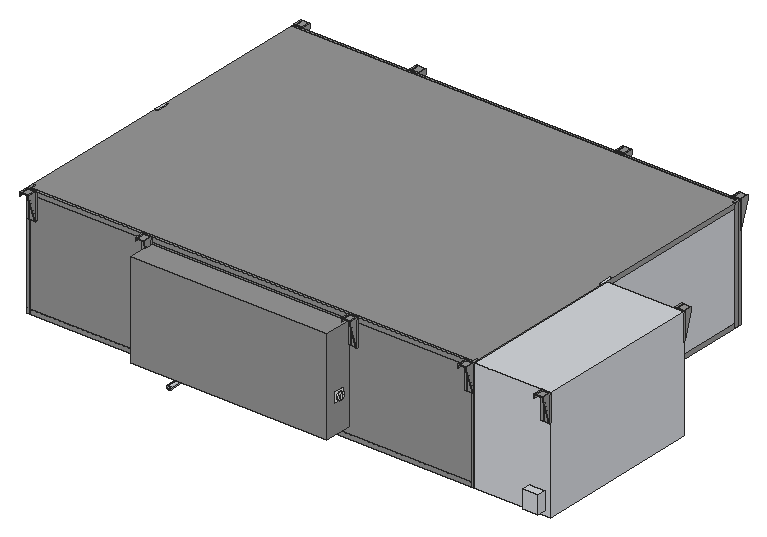
Revit family "НЕВАТОМ_Neiva 2 подвесная CX-Е-R 2000, Версия 2", category Оборудование, Revit 2017
Family settings
  Размер круглого соединителя = Использовать диаметр
  Тип детали = Нормальный
  На основе рабочей плоскости = Да
  Всегда вертикально = Нет
  При загрузке вырезать с полостями = Нет
  Общий = Нет
  Точка расчета площади = Нет
Parameters (values of type "СX-2000-E-R")
  а1 = 70 mm
  а = 574 mm
  Default Elevation = 0 mm
  m = 271 mm
  l1 = 900 mm
  l штуцер = 125 mm
  l двигателя = 350 mm
  l = 571 mm
  k = 20 mm
  h4 = 20 mm
  h3 = 346 mm
  h двигателя = 482 mm
  h = 30 mm
  d штуцер = 0 mm
  b1 = 122.962 mm
  b двигателя = 760 mm
  Nevatom_Производительность = "1000-3000 м³/ч"
  Nevatom_Напорная характеристика, Р1 = 1200.0 Pa
  Nevatom_Напорная характеристика, P = 0.0 Pa
  Nevatom_Мощность нагревателя = 7500 W
  Nevatom_Для задания электроснабжения = "380 В"
  Nevatom_URL = "https://t.me/NEVATOM_Bim_bot"
  Nevatom_Q1, м³/ч = 3000.0 m³/h
  Nevatom_Q, м³/ч = 1000.0 m³/h
  L = 2045 mm
  H1 = 512 mm
  D PG 16 [instance] = 32 mm
  D PG 11 [instance] = 22 mm
  B = 1522 mm
  ADSK_материал = материал курпуса
  ADSK_Ток = 3.2 A
  ADSK_Расход жидкости = 0.0 m³/h
  ADSK_Расход воздуха = 0.0 m³/h
  ADSK_Размер_Ширина = B  # 1522 mm
  ADSK_Размер_Длина = L  # 2045 mm
  ADSK_Размер_Высота = 512 mm
  ADSK_Примечание = ""
  ADSK_Потеря давления воздуха = 0.0 Pa
  ADSK_Полная мощность = ADSK_Номинальная мощность / ADSK_Коэффициент мощности  # 912.5 VA
  ADSK_Номинальная мощность = 730 W
  ADSK_Напряжение = 230 V
  ADSK_Наименование = "СX-2000-E-R"
  ADSK_Масса = 257
  ADSK_Марка = "СX-2000-E-R"
  ADSK_Коэффициент мощности = 0.8  # constant formula
  ADSK_Количество фаз = 3
  ADSK_Количество = 1  # constant formula
  ADSK_Код изделия = ""
  ADSK_Классификация нагрузок = none
  ADSK_Завод-изготовитель = "НЕВАТОМ"  # constant formula
  ADSK_Единица измерения = "шт."
  ADSK_URL документации изделия = ""
  A6 = 420 mm
  A1 = 700 mm
Reference planes
  plane 1 "По центру (Вперед/Назад)": y = 0
  plane 2: z = 0
  plane 3 "По центру (Влево/Вправо)": x = 0
  plane 4: y = 761
  plane 5: y = -761
  plane 6: x = -1022.5
  plane 7: x = 1022.5
  plane 8: z = 512
  plane 9: x = 451.5
  plane 10: y = -883.962
  plane 11: x = -448.5
  plane 12: z = 482
  plane 13: z = 20
  plane 14: z = 440
  plane 15: z = 136
  plane 16: z = 0
  plane 17: z = 482
  plane 18: y = -1
  plane 19: z = 462
  plane 20: x = 1022.5
  plane 21: x = -1022.5
  plane 22: x = -451.5
  plane 23: x = 448.5
  plane 24: x = 1372.5
Forms (mm)
  Extrusion 1, solid, material "материал курпуса" <- "ADSK_материал"
    sketch origin (0, 0, 0) x (-1, 0, 0) y (0, -1, 0)
      loop
        line (-1022.5, -761) -> (1022.5, -761) -> (1022.5, 761) -> (-1022.5, 761) -> (-1022.5, -761)
    from 0 to 20
  Extrusion 2, solid, material "материал курпуса" <- "ADSK_материал"
    sketch origin (0, 0, 0) x (-1, 0, 0) y (0, -1, 0)
      loop
        line (-448.5, 761) -> (451.5, 761) -> (451.5, 883.962) -> (-448.5, 883.962) -> (-448.5, 761)
    from 50 to 482
  Extrusion 3, solid, material "материал курпуса" <- "ADSK_материал"
    sketch origin (-1.306, 0, 283.026) x (-1, 0, 0) y (0, -1, 0)
      loop
        line (-1023.806, -761) -> (1021.194, -761) -> (1021.194, 761) -> (-1023.806, 761) -> (-1023.806, -761)
    from 208.974 to 228.974
  Extrusion 4, solid, material "материал курпуса" <- "ADSK_материал"
    sketch origin (0, -325, 0) x (-1, 0, 0) y (0, -1, 0)
      loop
        line (-1022.5, -1086) -> (1022.5, -1086) -> (1022.5, -1076) -> (-1022.5, -1076) -> (-1022.5, -1086)
    from 0 to 512
  Extrusion 5, solid, material "материал курпуса" <- "ADSK_материал"
    sketch origin (0, -1228.795, 0) x (-1, 0, 0) y (0, -1, 0)
      loop
        line (-1022.5, -477.795) -> (1022.5, -477.795) -> (1022.5, -467.795) -> (-1022.5, -467.795) -> (-1022.5, -477.795)
    from 0 to 512
  Extrusion 6, solid, material "материал курпуса" <- "ADSK_материал"
    sketch origin (0, -970, 0) x (0, 1, 0) y (0, 0, -1)
      loop
        line (239, -512) -> (239, 0) -> (209, 0) -> (209, -512) -> (239, -512)
    from 1010.934 to 1022.5
  Extrusion 7, solid, material "материал курпуса" <- "ADSK_материал"
    sketch origin (1425, 0, 0) x (0, 1, 0) y (0, 0, -1)
      loop
        line (761, -512) -> (761, 0) -> (731, 0) -> (731, -512) -> (761, -512)
    from 402.5 to 414.066
  Extrusion 8, solid, material "материал курпуса" <- "ADSK_материал"
    sketch origin (1425, -1046.075, 0) x (0, 1, 0) y (0, 0, -1)
      loop
        line (315.075, -512) -> (315.075, 0) -> (285.075, 0) -> (285.075, -512) -> (315.075, -512)
    from 402.5 to 414.066
  Extrusion 9, solid
    sketch origin (0, 0, 0) x (0, 1, 0) y (0, 0, -1)
      loop
        line (31, 0) -> (-31, 0) -> (-31, -512) -> (31, -512) -> (31, 0)
    from 1010.934 to 1022.5
  Extrusion 10, solid
    sketch origin (1350, 0, 0) x (0, 1, 0) y (0, 0, -1)
      loop
        line (31, 0) -> (-31, 0) -> (-31, -512) -> (31, -512) -> (31, 0)
    from 327.5 to 339.066
  Extrusion 11, solid
    sketch origin (0, 0, 0) x (-1, 0, 0) y (0, -1, 0)
      loop
        line (-1372.5, 1) -> (-1022.5, 1) -> (-1022.5, 761) -> (-1372.5, 761) -> (-1372.5, 1)
    from 0 to 512
  Extrusion 12, solid
    sketch origin (0, 0, 0) x (-1, 0, 0) y (0, -1, 0)
      loop
        line (1002.715, -731) -> (1022.5, -731) -> (1022.5, -31) -> (1002.715, -31) -> (1002.715, -731)
    from 20 to 492
  Extrusion 13, solid
    sketch origin (0, 0, 0) x (1, 0, 0) y (0, 1, 0)
      loop
        line (1002.715, 731) -> (1002.715, 31) -> (1022.5, 31) -> (1022.5, 731) -> (1002.715, 731)
    from 20 to 492
  Extrusion 14, solid
    sketch origin (0, 0, 0) x (-1, 0, 0) y (0, -1, 0)
      loop
        line (1002.715, 731) -> (1002.715, 31) -> (1022.5, 31) -> (1022.5, 731) -> (1002.715, 731)
    from 20 to 492
  Extrusion 15, solid
    sketch origin (0, 0, 0) x (1, 0, 0) y (0, 1, 0)
      loop
        line (1002.715, -731) -> (1022.5, -731) -> (1022.5, -31) -> (1002.715, -31) -> (1002.715, -731)
    from 20 to 342
  Extrusion 16, solid
    sketch origin (0, 0, 0) x (-1, 0, 0) y (0, 0, -1)
      loop
        line (-1344.811, -102.239) -> (-1275.898, -102.239) -> (-1275.898, -20) -> (-1344.811, -20) -> (-1344.811, -102.239)
    from 801 to 761
Lines and regions (mm)
  reference lines
    curve 1: line (1524.916, -381.067, 0) -> (448.5, -381.067, 0)
    curve 2: line (448.5, -381.067, 0) -> (-451.5, 381.254, 0)
    curve 3: line (-451.5, 381.254, 0) -> (-1263.83, 381.254, 0)
    curve 4: line (-1191.595, -382.288, 0) -> (-451.5, -382.288, 0)
    curve 5: line (-451.5, -382.288, 0) -> (448.5, 381.748, 0)
    curve 6: line (448.5, 381.748, 0) -> (1524.916, 381.748, 0)
    curve 7: line (0, -731, 510) -> (0, -731, 512)
    curve 8: line (1524.916, -381.067, 0) -> (1471.883, -434.1, 0)
    curve 9: line (1524.916, -381.067, 0) -> (1471.883, -328.034, 0)
    curve 10: line (-1263.83, 381.254, 0) -> (-1316.863, 328.221, 0)
    curve 11: line (-1263.83, 381.254, 0) -> (-1316.863, 434.287, 0)
    curve 12: line (1524.916, 381.748, 0) -> (1577.949, 328.715, 0)
    curve 13: line (1524.916, 381.748, 0) -> (1577.949, 434.781, 0)
    curve 14: line (-1191.595, -382.288, 0) -> (-1138.562, -435.321, 0)
    curve 15: line (-1191.595, -382.288, 0) -> (-1138.562, -329.255, 0)
Dimensions and locks
  equal spacing: plane 6, plane 3 "По центру (Влево/Вправо)", plane 7
  "L": plane 6 to plane 7
  equal spacing: plane 4, plane 1 "По центру (Вперед/Назад)", plane 5
  "B": plane 4 to plane 5
  "H1": plane 8 to level
  "b1": plane 5 to plane 10
  "A6": plane 13 to plane 14
  "h": plane 8 to plane 12
  "h3": plane 12 to plane 15
  "h4": plane 13 to plane 16
  "h двигателя": plane 17 to plane 16
  plane 12 to plane 19 = 20 mm
  "b двигателя": plane 18 to plane 5
  plane 20 to plane 21 = 2045 mm
  "L": plane 20 to plane 21
  "l": plane 22 to plane 21
  "l1": plane 23 to plane 22
  locked: Extrusion 4 to Extrusion 4 at 10
  locked: Extrusion 5 to Extrusion 5 at 10
  locked: Extrusion 6 to Extrusion 6 at 11.566
  locked: Extrusion 7 to Extrusion 7 at 11.566
  locked: Extrusion 8 to Extrusion 8 at 11.566
  locked: Extrusion 9 to Extrusion 9 at 11.566
  locked: Extrusion 10 to Extrusion 10 at 11.566
  locked: Extrusion 2 to nested 5 at 48.439
  locked: Extrusion 2 to nested 6 at 48.439
  locked: Extrusion 2 to nested 7 at 48.439
  locked: Extrusion 2 to nested 8 at 48.439
  locked: Extrusion 2 to nested 9 at 48.439
  "l двигателя": plane 24 to plane 20
  Extrusion 12 sketch curve to Extrusion 12 sketch curve = 19.785 mm
  locked: Extrusion 12 to Extrusion 12 at 19.785
  Extrusion 13 sketch curve to Extrusion 13 sketch curve = 19.785 mm
  locked: Extrusion 13 to Extrusion 13 at 19.785
  Extrusion 14 sketch curve to Extrusion 14 sketch curve = 19.785 mm
  locked: Extrusion 14 to Extrusion 14 at 19.785
  Extrusion 15 sketch curve to Extrusion 15 sketch curve = 19.785 mm
  locked: Extrusion 15 to Extrusion 15 at 19.785
  locked: Extrusion 16 to Extrusion 11 at 40
  aligned and locked: level to plane 2
  aligned and locked: plane 21 to Extrusion 1 sketch curve
  aligned and locked: Extrusion 1 sketch curve to plane 20
  aligned and locked: plane 22 to Extrusion 2 sketch curve
  aligned and locked: Extrusion 2 sketch curve to plane 23
  aligned and locked: plane 20 to Extrusion 3
  aligned and locked: Extrusion 3 to plane 21
  aligned and locked: plane 20 to Extrusion 5
  aligned and locked: Extrusion 5 to plane 21
  aligned and locked: Extrusion 6 to plane 21
  aligned and locked: plane 20 to Extrusion 7
  aligned and locked: plane 20 to Extrusion 8
  aligned and locked: level to Extrusion 9 sketch curve
  aligned and locked: Extrusion 9 to plane 21
  aligned and locked: plane 20 to Extrusion 10
  aligned and locked: level to Extrusion 10
  aligned and locked: nested 1 to plane 21
  aligned and locked: plane 21 to nested 3
  aligned and locked: nested 2 to plane 20
  aligned and locked: nested 4 to plane 23
  aligned and locked: nested 11 to plane 23
  aligned and locked: nested 12 to plane 22
  aligned and locked: plane 20 to nested 13
  aligned and locked: plane 22 to nested 14
  aligned and locked: plane 23 to nested 15
  aligned and locked: Extrusion 11 sketch curve to plane 24
  aligned and locked: plane 20 to Extrusion 11 sketch curve
  aligned and locked: plane 24 to nested 16  (x2)
  aligned and locked: nested 17 to plane 24
  aligned and locked: Extrusion 12 to plane 21
Automatic sketch dimensions
  Extrusion 9 sketch curve to plane 8 = 0 mm
  plane 18 to Extrusion 9 sketch curve = 30 mm
  plane 1 "По центру (Вперед/Назад)" to Extrusion 9 sketch curve = 31 mm
  Extrusion 16 sketch curve to plane 13 = 0 mm
  Extrusion 16 sketch curve to plane 24 = 27.689 mm
  Extrusion 16 sketch curve to Extrusion 16 sketch curve = 68.913 mm
  plane 15 to Extrusion 16 sketch curve = 33.761 mm
  curve 7 to plane 8 = 0 mm
  curve 7 to plane 5 = 30 mm
  plane 8 to curve 7 = 2 mm
  curve 5 to plane 22 = 0 mm
  curve 3 to plane 22 = 0 mm
  curve 2 to plane 23 = 0 mm
  curve 5 to plane 23 = 0 mm
  curve 15 to plane 6 = 169.095 mm
  curve 10 to plane 6 = 241.33 mm
  curve 12 to plane 24 = 152.416 mm
  curve 8 to plane 24 = 152.416 mm
  plane 5 to curve 15 = 378.712 mm
  plane 5 to curve 1 = 379.933 mm
  curve 10 to plane 4 = 379.746 mm
  curve 13 to plane 4 = 379.252 mm
  curve 14 to curve 15 = 53.033 mm
  curve 14 to curve 14 = 53.033 mm  (x2)
  curve 11 to curve 3 = 53.033 mm
  curve 10 to curve 3 = 53.033 mm  (x2)
  curve 8 to curve 1 = 53.033 mm  (x2)
  curve 9 to curve 1 = 53.033 mm
  curve 6 to curve 12 = 53.033 mm
  curve 6 to curve 13 = 53.033 mm
  curve 12 to curve 6 = 53.033 mm
  Extrusion 1 sketch curve to plane 5 = 0 mm
  Extrusion 1 sketch curve to plane 4 = 0 mm
  Extrusion 2 sketch curve to plane 10 = 0 mm
  Extrusion 2 sketch curve to plane 5 = 0 mm
  Extrusion 3 sketch curve to plane 5 = 0 mm
  Extrusion 3 sketch curve to plane 7 = 0 mm
  Extrusion 3 sketch curve to plane 6 = 0 mm
  Extrusion 3 sketch curve to plane 4 = 0 mm
  Extrusion 4 sketch curve to plane 7 = 0 mm
  Extrusion 4 sketch curve to plane 6 = 0 mm
  Extrusion 4 sketch curve to plane 4 = 0 mm
  Extrusion 4 sketch curve to Extrusion 4 sketch curve = 10 mm
  Extrusion 5 sketch curve to plane 5 = 0 mm
  Extrusion 5 sketch curve to plane 7 = 0 mm
  Extrusion 5 sketch curve to plane 6 = 0 mm
  Extrusion 5 sketch curve to Extrusion 5 sketch curve = 10 mm
  Extrusion 6 sketch curve to plane 5 = 0 mm
  Extrusion 6 sketch curve to level = 0 mm
  Extrusion 6 sketch curve to plane 8 = 0 mm
  Extrusion 6 sketch curve to Extrusion 6 sketch curve = 30 mm
  Extrusion 7 sketch curve to plane 8 = 0 mm
  Extrusion 7 sketch curve to level = 0 mm
  Extrusion 7 sketch curve to plane 4 = 0 mm
  Extrusion 7 sketch curve to Extrusion 7 sketch curve = 30 mm
  Extrusion 8 sketch curve to plane 5 = 0 mm
  Extrusion 8 sketch curve to level = 0 mm
  Extrusion 8 sketch curve to plane 8 = 0 mm
  plane 5 to Extrusion 8 sketch curve = 30 mm
  Extrusion 10 sketch curve to level = 0 mm
  Extrusion 10 sketch curve to plane 8 = 0 mm
  Extrusion 10 sketch curve to plane 18 = 30 mm
  Extrusion 10 sketch curve to plane 1 "По центру (Вперед/Назад)" = 31 mm
  Extrusion 11 sketch curve to plane 5 = 0 mm
  Extrusion 11 sketch curve to plane 18 = 0 mm
  Extrusion 12 sketch curve to plane 6 = 0 mm
  plane 1 "По центру (Вперед/Назад)" to Extrusion 12 sketch curve = 31 mm
  plane 4 to Extrusion 12 sketch curve = 30 mm
  Extrusion 13 sketch curve to plane 7 = 0 mm
  Extrusion 13 sketch curve to plane 1 "По центру (Вперед/Назад)" = 31 mm
  Extrusion 13 sketch curve to plane 4 = 30 mm
  Extrusion 14 sketch curve to plane 6 = 0 mm
  Extrusion 14 sketch curve to plane 18 = 30 mm
  plane 5 to Extrusion 14 sketch curve = 30 mm
  Extrusion 15 sketch curve to plane 7 = 0 mm
  plane 18 to Extrusion 15 sketch curve = 30 mm
  Extrusion 15 sketch curve to plane 5 = 30 mm
Nested families
  nested 1: "NEVATOM_кронштейн" at (-1003.344, -780.399, 385.206) x (-1, 0, 0) z (0, 0, 1), type "NEVATOM_кронштейн"
  nested 2: "NEVATOM_кронштейн" at (999.656, 780.399, 385.206) x (-1, 0, 0) z (0, 0, 1), type "NEVATOM_кронштейн"
  nested 3: "NEVATOM_кронштейн" at (-1003.344, 780.399, 385.206) x (-1, 0, 0) z (0, 0, 1), type "NEVATOM_кронштейн"
  nested 4: "NEVATOM_выключатель пластик" at (443.5, -823, 207) x (0, 1, 0) z (1, 0, 0), type "NEVATOM_выключатель пластик"
  nested 5: "NEVATOM_кабельный ввод PG" at (88, -824.523, 50) x (-1, 0, 0) z (0, 0, -1), D <- "D PG 11", type "Кабельный ввод PG"
    with h 15.4 mm, d 11 mm, D 22 mm
  nested 6: "NEVATOM_кабельный ввод PG" at (59.605, -824.523, 50) x (-1, 0, 0) z (0, 0, -1), D <- "D PG 11", type "Кабельный ввод PG"
    with h 15.4 mm, d 11 mm, D 22 mm
  nested 7: "NEVATOM_кабельный ввод PG" at (31.211, -824.523, 50) x (-1, 0, 0) z (0, 0, -1), D <- "D PG 11", type "Кабельный ввод PG"
    with h 15.4 mm, d 11 mm, D 22 mm
  nested 8: "NEVATOM_кабельный ввод PG" at (2.816, -824.523, 50) x (-1, 0, 0) z (0, 0, -1), D <- "D PG 11", type "Кабельный ввод PG"
    with h 15.4 mm, d 11 mm, D 22 mm
  nested 9: "NEVATOM_кабельный ввод PG" at (-25.579, -824.523, 50) x (-1, 0, 0) z (0, 0, -1), D <- "D PG 11", type "Кабельный ввод PG"
    with h 15.4 mm, d 11 mm, D 22 mm
  nested 10: "NEVATOM_кабельный ввод PG" at (-53.973, -824.523, 50) x (-1, 0, 0) z (0, 0, -1), D <- "D PG 11", type "Кабельный ввод PG"
    with h 15.4 mm, d 11 mm, D 22 mm
  nested 11: "NEVATOM_кронштейн" at (467.656, -780.399, 385.206) x (-1, 0, 0) z (0, 0, 1), type "NEVATOM_кронштейн"
  nested 12: "NEVATOM_кронштейн" at (-474.344, 780.399, 385.206) x (-1, 0, 0) z (0, 0, 1), type "NEVATOM_кронштейн"
  nested 13: "NEVATOM_кронштейн" at (999.656, -780.399, 385.206) x (-1, 0, 0) z (0, 0, 1), type "NEVATOM_кронштейн"
  nested 14: "NEVATOM_кронштейн" at (-474.344, -780.399, 385.206) x (-1, 0, 0) z (0, 0, 1), type "NEVATOM_кронштейн"
  nested 15: "NEVATOM_кронштейн" at (467.656, 780.399, 385.206) x (-1, 0, 0) z (0, 0, 1), type "NEVATOM_кронштейн"
  nested 16: "NEVATOM_кронштейн" at (1349.656, -780.399, 385.206) x (-1, 0, 0) z (0, 0, 1), type "NEVATOM_кронштейн"
  nested 17: "NEVATOM_кронштейн" at (1349.656, 18.399, 385.206) x (-1, 0, 0) z (0, 0, 1), type "NEVATOM_кронштейн"
  nested 18: "NEVATOM_штуцер" at (-274, -761, 10) x (1, 0, 0) z (0, -1, 0), type "NEVATOM_штуцер"
    with d 18 mm
  nested 19: "NEVATOM_кабельный ввод PG" at (154.5, -821.023, 50) x (-1, 0, 0) z (0, 0, -1), D <- "D PG 16", type "Кабельный ввод PG"
    with h 22.4 mm, d 16 mm, D 32 mm
  nested 20: "NEVATOM_кабельный ввод PG" at (118, -824.523, 50) x (-1, 0, 0) z (0, 0, -1), D <- "D PG 11", type "Кабельный ввод PG"
    with h 15.4 mm, d 11 mm, D 22 mm
Connectors
  hvac at (-1022.5, -381, 256), driven by "A6", driven by "A1", driven by "ADSK_Расход воздуха"
    settings: on Extrusion 14, index 16, duct flow 0.0 m³/h, flow factor 0, pres drop 0.0 Pa, loss coef 0, conn angle 0.00°, conn width 700 mm, conn height 420 mm, conn diameter 609.6 mm, duct sys type 29, conn prof type 1, flow config 0, flow direction 2, loss method 0, conn ref index 18, conn util no, is conn primary yes, conn desc ""
  hvac at (-1022.5, 381, 256), driven by "A6", driven by "A1", driven by "ADSK_Расход воздуха"
    settings: on Extrusion 12, index 17, duct flow 0.0 m³/h, flow factor 0, pres drop 0.0 Pa, loss coef 0, conn angle 0.00°, conn width 700 mm, conn height 420 mm, conn diameter 609.6 mm, duct sys type 29, conn prof type 1, flow config 0, flow direction 1, loss method 0, conn ref index 19, conn util no, is conn primary no, conn desc ""
  hvac at (1022.5, 381, 256), driven by "A6", driven by "A1", driven by "ADSK_Расход воздуха"
    settings: on Extrusion 13, index 18, duct flow 0.0 m³/h, flow factor 0, pres drop 0.0 Pa, loss coef 0, conn angle 0.00°, conn width 700 mm, conn height 420 mm, conn diameter 609.6 mm, duct sys type 3, conn prof type 1, flow config 2, flow direction 1, loss method 0, conn ref index 16, conn util no, is conn primary no, conn desc ""
  hvac at (1372.5, -381, 256), driven by "A6", driven by "A1", driven by "ADSK_Расход воздуха"
    settings: on Extrusion 11, index 19, duct flow 0.0 m³/h, flow factor 0, pres drop 0.0 Pa, loss coef 0, conn angle 0.00°, conn width 700 mm, conn height 420 mm, conn diameter 609.6 mm, duct sys type 1, conn prof type 1, flow config 2, flow direction 2, loss method 0, conn ref index 17, conn util no, is conn primary no, conn desc ""
  piping at (-274, -886, 10), driven by "d штуцер", driven by "ADSK_Расход жидкости"
    settings: on nested 18, index 20, connector diameter 0 mm, connector inside diameter 609.6 mm, connector length 0 mm, flow factor 0, pipe flow 0.0 m³/h, pressure drop 0.0 Pa, fitting loss kfactor 0, connector angle 0.00°, fixture units 0, engagement length 0 mm, angle of deflection 0.00°, flow configuration 0, flow direction 0, fitting loss method 0, system type 19, joint type 0, gender type 0, connector reference index -1, connector utility 0, adjustable connector no, is connector primary yes, connector description ""
  electrical at (-53.973, -824.523, 50)
    settings: on nested 10, index 21, voltage 0 V, apparent load 0 VA, apparent load phase1 0 VA, apparent load phase2 0 VA, apparent load phase3 0 VA, power factor 1, load classification "Прочее", number of poles 1, system type 5, power factor state 1, is connector primary yes, connector utility no, sub classification motor no, connector description ""
  electrical at (-25.579, -824.523, 50)
    settings: on nested 9, index 22, voltage 0 V, apparent load 0 VA, apparent load phase1 0 VA, apparent load phase2 0 VA, apparent load phase3 0 VA, power factor 1, load classification "Прочее", number of poles 1, system type 5, power factor state 1, is connector primary no, connector utility no, sub classification motor no, connector description ""
  electrical at (2.816, -824.523, 50)
    settings: on nested 8, index 23, voltage 0 V, apparent load 0 VA, apparent load phase1 0 VA, apparent load phase2 0 VA, apparent load phase3 0 VA, power factor 1, load classification "Прочее", number of poles 1, system type 5, power factor state 1, is connector primary no, connector utility no, sub classification motor no, connector description ""
  electrical at (31.211, -824.523, 50)
    settings: on nested 7, index 24, voltage 0 V, apparent load 0 VA, apparent load phase1 0 VA, apparent load phase2 0 VA, apparent load phase3 0 VA, power factor 1, load classification "Прочее", number of poles 1, system type 5, power factor state 1, is connector primary no, connector utility no, sub classification motor no, connector description ""
  electrical at (59.605, -824.523, 50)
    settings: on nested 6, index 25, voltage 0 V, apparent load 0 VA, apparent load phase1 0 VA, apparent load phase2 0 VA, apparent load phase3 0 VA, power factor 1, load classification "Прочее", number of poles 1, system type 5, power factor state 1, is connector primary no, connector utility no, sub classification motor no, connector description ""
  electrical at (88, -824.523, 50)
    settings: on nested 5, index 26, voltage 0 V, apparent load 0 VA, apparent load phase1 0 VA, apparent load phase2 0 VA, apparent load phase3 0 VA, power factor 1, load classification "Прочее", number of poles 1, system type 14, power factor state 1, is connector primary no, connector utility no, sub classification motor no, connector description ""
  electrical at (118, -824.523, 50), driven by "ADSK_Количество фаз", driven by "ADSK_Напряжение", driven by "ADSK_Полная мощность", driven by "ADSK_Коэффициент мощности"
    settings: on nested 20, index 27, voltage 230 V, apparent load 0 VA, apparent load phase1 912.5 VA, apparent load phase2 0 VA, apparent load phase3 0 VA, power factor 0.8, load classification "Двигатель", number of poles 3, system type 31, power factor state 1, is connector primary no, connector utility no, sub classification motor no, connector description ""
  electrical at (154.5, -821.023, 50), driven by "ADSK_Количество фаз", driven by "ADSK_Напряжение", driven by "ADSK_Полная мощность", driven by "ADSK_Коэффициент мощности"
    settings: on nested 19, index 28, voltage 230 V, apparent load 0 VA, apparent load phase1 912.5 VA, apparent load phase2 0 VA, apparent load phase3 0 VA, power factor 0.8, load classification "Двигатель", number of poles 3, system type 31, power factor state 1, is connector primary no, connector utility no, sub classification motor no, connector description ""
Definition of nested family "NEVATOM_кронштейн"
  Reference planes
    plane 1 "По центру (Вперед/Назад)": y = 0
    plane 2: z = 0
    plane 3 "По центру (Влево/Вправо)": x = 0
  Forms (mm)
    Extrusion 1, solid
      sketch origin (-545.844, 366.399, 0) x (0, 1, 0) y (0, 0, 1)
        loop
          line (-351.118, 126.794) -> (-389, 126.794) -> (-389, 111.794) -> (-351.118, 3.126) -> (-351.118, 126.794)
      from 523 to 527.712
    Extrusion 2, solid
      sketch origin (-545.844, 301.399, 0) x (1, 0, 0) y (0, 0, 1)
        loop
          line (557.712, 126.794) -> (557.712, 123.742) -> (561.763, 123.742) -> (561.763, 111.794) -> (565, 111.794) -> (565, 126.794) -> (557.712, 126.794)
      from 286.118 to 324
    Extrusion 3, solid
      sketch origin (-545.844, 301.399, 20) x (1, 0, 0) y (0, 0, 1)
        loop
          line (565, -16.874) -> (565, 106.794) -> (553, 106.794) -> (553, -16.874) -> (565, -16.874)
      from 282 to 286.118
    Extrusion 4, solid
      sketch origin (-545.844, 301.399, 20) x (1, 0, 0) y (0, 0, 1)
        loop
          line (565, -16.874) -> (565, 106.794) -> (523, 106.794) -> (523, -16.874) -> (565, -16.874)
      from 282 to 286.118
    Extrusion 5, solid
      sketch origin (-545.844, 301.399, 0) x (1, 0, 0) y (0, 0, 1)
        loop
          line (527.712, 126.794) -> (527.712, 123.742) -> (561.763, 123.742) -> (561.763, 111.794) -> (565, 111.794) -> (565, 126.794) -> (527.712, 126.794)
      from 286.118 to 324
  Dimensions and locks
    aligned and locked: level to plane 2
Definition of nested family "NEVATOM_выключатель пластик"
  Parameters (values of type "NEVATOM_выключатель пластик")
    Default Elevation = 1219.2 mm
    h = 18 mm
    b = 44 mm
    a = 44 mm
  Reference planes
    plane 1 "По центру (Вперед/Назад)": y = 0
    plane 2: z = 0
    plane 3 "По центру (Влево/Вправо)": x = 0
    plane 4: x = -22
    plane 5: x = 22
    plane 6: y = -22
    plane 7: y = 22
    plane 8: z = 18
  Forms (mm)
    Extrusion 1, solid
      sketch origin (0, 0, 0) x (1, 0, 0) y (0, 1, 0)
        loop
          line (-22, 22) -> (-22, -22) -> (22, -22) -> (22, 22) -> (-22, 22)
      from 5 to 10
    Extrusion 2, solid
      sketch origin (0, 0, 0) x (1, 0, 0) y (0, 1, 0)
        loop
          circle (0, 0) r 17.083
        loop
          circle (0, 0) r 13.032
      from 10 to 20
    Extrusion 3, solid
      sketch origin (0, 0, 0) x (1, 0, 0) y (0, 1, 0)
        loop
          line (-1.523, -13.032) -> (1.565, -13.032) -> (1.565, 12.938) -> (-1.523, 12.938) -> (-1.523, -13.032)
      from 5 to 20
  Cuts and joins
    joined: Extrusion 1, Extrusion 2
  Dimensions and locks
    equal spacing: plane 7, plane 1 "По центру (Вперед/Назад)", plane 6
    "a": plane 7 to plane 6
    equal spacing: plane 4, plane 3 "По центру (Влево/Вправо)", plane 5
    "b": plane 4 to plane 5
    "h": plane 8 to level
    aligned and locked: level to plane 2
  Automatic sketch dimensions
    Extrusion 1 sketch curve to plane 4 = 0 mm
    Extrusion 1 sketch curve to plane 5 = 0 mm
    Extrusion 1 sketch curve to plane 6 = 0 mm
    Extrusion 1 sketch curve to plane 7 = 0 mm
    Extrusion 2 sketch curve to Extrusion 2 sketch curve = 0 mm  (x2)
    plane 1 "По центру (Вперед/Назад)" to Extrusion 2 sketch curve = 0 mm
    Extrusion 2 sketch curve to plane 3 "По центру (Влево/Вправо)" = 0 mm
    Extrusion 3 sketch curve to plane 3 "По центру (Влево/Вправо)" = 1.523 mm
    plane 3 "По центру (Влево/Вправо)" to Extrusion 3 sketch curve = 1.565 mm
    plane 6 to Extrusion 3 sketch curve = 8.968 mm
    Extrusion 3 sketch curve to plane 7 = 9.062 mm
    radius of Extrusion 2 sketch curve = 17.083 mm
    radius of Extrusion 2 sketch curve = 13.032 mm
Definition of nested family "NEVATOM_кабельный ввод PG"
  Parameters (values of type "Кабельный ввод PG")
    Default Elevation = 1219.2 mm
    h [instance] = 0.7 * D  # 21 mm
    d [instance] = 0.5 * D  # 15 mm
    D [instance] = 30 mm
  Reference planes
    plane 1 "По центру (Вперед/Назад)": y = 0
    plane 2: z = 0
    plane 3 "По центру (Влево/Вправо)": x = 0
    plane 4: y = 15
    plane 5: y = -15
    plane 6: x = -15
    plane 7: x = 15
    plane 8: through (0, 0, 1219.2) normal (-0.7071, 0.7071, 0)
    plane 9: through (0, 0, 1219.2) normal (-0.7071, -0.7071, 0)
    plane 10: through (10.607, -10.607, 1219.2) normal (-0.7071, 0.7071, 0)
    plane 11: through (-10.607, 10.607, 1219.2) normal (-0.7071, 0.7071, 0)
    plane 12: through (10.607, 10.607, 1219.2) normal (-0.7071, -0.7071, 0)
    plane 13: through (-10.607, -10.607, 1219.2) normal (-0.7071, -0.7071, 0)
    plane 14: z = 30
    plane 15: z = 21
  Forms (mm)
    Extrusion 1, solid
      sketch origin (0, 0, 0) x (1, 0, 0) y (0, 1, 0)
        loop
          line (-1219.2, 1219.2) -> (-1219.2, -1219.2) -> (1219.2, -1219.2) -> (1219.2, 1219.2) -> (-1219.2, 1219.2)
      from 0 to -304.8
    Extrusion 2, solid
      sketch origin (0, 0, 0) x (1, 0, 0) y (0, 1, 0)
        loop
          line (-6.213, 15) -> (-15, 6.213) -> (-15, -6.213) -> (-6.213, -15) -> (6.213, -15) -> (15, -6.213) -> (15, 6.213) -> (6.213, 15) -> (-6.213, 15)
      from 0 to 21
    Blend 3, solid
      base sketch origin (0, 0, 0) x (1, 0, 0) y (0, 1, 0)
        loop
          circle (0, 0) r 15
      top sketch origin (0, 0, 0) x (1, 0, 0) y (0, 1, 0)
        loop
          circle (0, 0) r 7.5
      from 21 to 30
    Extrusion 4, void
      sketch origin (0, 0, 0) x (1, 0, 0) y (0, 1, 0)
        loop
          circle (0, 0) r 7.5
      from 0 to 30
  Cuts and joins
    Extrusion 4 cuts Extrusion 2
    Extrusion 4 cuts Blend 3
    joined: Extrusion 2, Blend 3
  Dimensions and locks
    equal spacing: plane 6, plane 3 "По центру (Влево/Вправо)", plane 7
    equal spacing: plane 4, plane 1 "По центру (Вперед/Назад)", plane 5
    "D": plane 6 to plane 7
    "D": plane 4 to plane 5
    equal spacing: plane 11, plane 8, plane 10
    "D": plane 11 to plane 10
    equal spacing: plane 12, plane 9, plane 13
    "D": plane 12 to plane 13
    "D": plane 14 to Extrusion 1
    "h": plane 15 to Extrusion 1
    "D": diameter of Blend 3 sketch curve
    "d": diameter of Blend 3 sketch curve
    "d": diameter of Extrusion 4 sketch curve
    aligned and locked: plane 2 to Extrusion 1
    aligned and locked: level to Extrusion 1
    aligned and locked: Extrusion 2 sketch curve to plane 4
    aligned and locked: Extrusion 2 sketch curve to plane 12
    aligned and locked: plane 7 to Extrusion 2 sketch curve
    aligned and locked: plane 10 to Extrusion 2 sketch curve
    aligned and locked: plane 5 to Extrusion 2 sketch curve
    aligned and locked: plane 13 to Extrusion 2 sketch curve
    aligned and locked: Extrusion 2 sketch curve to plane 6
    aligned and locked: Extrusion 2 sketch curve to plane 11
    aligned and locked: plane 15 to Extrusion 2
    aligned and locked: plane 14 to Blend 3
    aligned and locked: Blend 3 to plane 15
    aligned and locked: plane 14 to Extrusion 4
  Automatic sketch dimensions
    Extrusion 1 sketch curve to Extrusion 1 sketch curve = 2438.4 mm  (x2)
    plane 1 "По центру (Вперед/Назад)" to Blend 3 sketch curve = 0 mm  (x2)
    Blend 3 sketch curve to plane 3 "По центру (Влево/Вправо)" = 0 mm  (x2)
    plane 1 "По центру (Вперед/Назад)" to Extrusion 4 sketch curve = 0 mm
    Extrusion 4 sketch curve to plane 3 "По центру (Влево/Вправо)" = 0 mm
Definition of nested family "NEVATOM_штуцер"
  Parameters (values of type "NEVATOM_штуцер")
    Default Elevation = 1219.2 mm
    h = 125 mm
    d1 = 15 mm
    d [instance] = 18 mm
  Reference planes
    plane 1 "По центру (Вперед/Назад)": y = 0
    plane 2: z = 0
    plane 3 "По центру (Влево/Вправо)": x = 0
    plane 4: z = 125
  Forms (mm)
    Extrusion 1, solid
      sketch origin (0, 0, 0) x (1, 0, 0) y (0, 1, 0)
        loop
          line (-1219.2, 1219.2) -> (-1219.2, -1219.2) -> (1219.2, -1219.2) -> (1219.2, 1219.2) -> (-1219.2, 1219.2)
      from 0 to -304.8
    Extrusion 2, solid
      sketch origin (0, 0, 0) x (1, 0, 0) y (0, 1, 0)
        loop
          circle (0, 0) r 9
        loop
          circle (0, 0) r 7.5
      from 0 to 125
  Dimensions and locks
    "h": plane 4 to level
    "d1": diameter of Extrusion 2 sketch curve
    "d": diameter of Extrusion 2 sketch curve
    aligned and locked: plane 2 to Extrusion 1
    aligned and locked: level to Extrusion 1
    aligned and locked: Extrusion 2 to level
    aligned and locked: plane 4 to Extrusion 2
  Automatic sketch dimensions
    Extrusion 1 sketch curve to Extrusion 1 sketch curve = 2438.4 mm  (x2)
    Extrusion 2 sketch curve to Extrusion 2 sketch curve = 0 mm  (x2)
    plane 1 "По центру (Вперед/Назад)" to Extrusion 2 sketch curve = 0 mm
    Extrusion 2 sketch curve to plane 3 "По центру (Влево/Вправо)" = 0 mm
